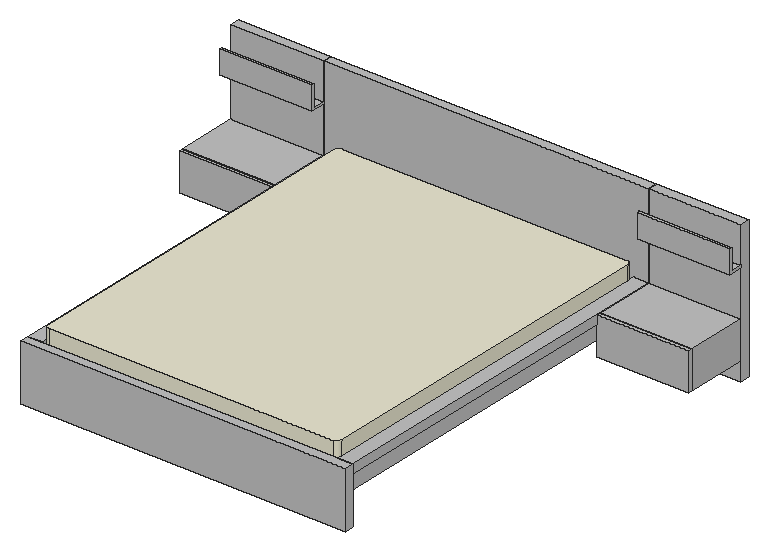
Revit family "IKEA-MALM-Cama(Conjunto)", category Furniture, Revit 2012
Parameters (values of type "1600x2000")
  Segunda-MesaCabeceira = yes
  Largura = 1600 mm
  Estrutura = IKEA-PretoCastanho
  Comprimento = 2000 mm
  Colchão = IKEA-Colchão
Types (4, lengths in mm): name | Largura
  (no name) | 1600
  1400x2000 | 1400
  1600x2000 | 1600
  900x2000 | 900
Reference planes
  plane 1 "Center F/B": y = 0
  plane 2: z = 0
  plane 3 "Center L/R": x = 0
  plane 4: x = -800
  plane 5: x = 800
  plane 6: y = -50
  plane 7: y = -2050
  plane 8: y = -2100
Forms (mm)
  Extrusion 1, solid, material "IKEA-PretoCastanho" <- "Estrutura"
    sketch origin (85.271, -473.846, 0) x (1, 0, 0) y (0, 1, 0)
      loop
        line (-965.271, 473.846) -> (-965.271, 423.846) -> (794.729, 423.846) -> (794.729, 473.846) -> (-965.271, 473.846)
    from 0 to 762
  Extrusion 2, solid, material "IKEA-PretoCastanho" <- "Estrutura"
    sketch origin (85.271, -2556.646, 0) x (1, 0, 0) y (0, 1, 0)
      loop
        line (-965.271, 506.646) -> (-965.271, 456.646) -> (794.729, 456.646) -> (794.729, 506.646) -> (-965.271, 506.646)
    from 0 to 304.8
  Extrusion 3, solid, material "IKEA-Colchão" <- "Colchão"
    sketch origin (0, -473.846, 0) x (1, 0, 0) y (0, 1, 0)
      loop
        arc (-766.881, 412.038) -> (-784.842, 404.599) -> (-792.281, 386.638) r 25.4
        line (-792.281, 386.638) -> (-792.281, -1545.112)
        arc (-792.281, -1545.112) -> (-784.842, -1563.072) -> (-766.881, -1570.512) r 25.4
        line (-766.881, -1570.512) -> (769.619, -1570.512)
        arc (769.619, -1570.512) -> (787.579, -1563.072) -> (795.019, -1545.112) r 25.4
        line (795.019, -1545.112) -> (795.019, 386.638)
        arc (795.019, 386.638) -> (787.579, 404.599) -> (769.619, 412.038) r 25.4
        line (769.619, 412.038) -> (-766.881, 412.038)
    from 206.53 to 378.011
  Extrusion 4, solid, material "IKEA-PretoCastanho" <- "Estrutura"
    sketch origin (880, -50, 0) x (-1, 0, 0) y (0, 0, -1)
      loop
        line (0, -254.8) -> (0, -304.8) -> (80, -304.8) -> (80, -154.8) -> (30, -154.8) -> (30, -254.8) -> (0, -254.8)
    from 0 to 2000
  Extrusion 5, solid, material "IKEA-PretoCastanho" <- "Estrutura"
    sketch origin (-796.4, -50, 0) x (1, 0, 0) y (0, 0, 1)
      loop
        line (-83.6, 254.8) -> (-53.6, 254.8) -> (-53.6, 154.8) -> (-3.6, 154.8) -> (-3.6, 304.8) -> (-83.6, 304.8) -> (-83.6, 254.8)
    from 0 to 2000
Dimensions and locks
  equal spacing: plane 4, plane 3 "Center L/R", plane 5
  Extrusion 4 sketch curve to Extrusion 4 sketch curve to Extrusion 4 sketch curve = 50 mm locked, 30 mm locked
  Extrusion 4 sketch curve to Extrusion 4 sketch curve to Extrusion 4 sketch curve = 50 mm locked, 100 mm locked
  Extrusion 5 sketch curve to Extrusion 5 sketch curve to Extrusion 5 sketch curve = 50 mm locked, 30 mm locked
  Extrusion 5 sketch curve to Extrusion 5 sketch curve to Extrusion 5 sketch curve = 100 mm locked, 50 mm locked
  locked: plane 4 to Extrusion 3 sketch curve at 7.719
  locked: Extrusion 3 sketch curve to plane 5 at 4.981
  "Largura": plane 4 to plane 5
  locked: plane 6 to plane 1 "Center F/B" at 50
  locked: plane 7 to plane 8 at 50
  "Comprimento": plane 6 to plane 7
  aligned and locked: Extrusion 4 sketch curve to Extrusion 2
  aligned and locked: Extrusion 1 to Extrusion 5
  aligned and locked: Extrusion 2 to Extrusion 5
  aligned and locked: Extrusion 1 to Extrusion 4
  aligned and locked: Extrusion 2 to Extrusion 4
  aligned and locked: Extrusion 2 sketch curve to plane 7
  aligned and locked: plane 8 to Extrusion 2 sketch curve
  aligned and locked: Extrusion 4 to nested 1
  aligned and locked: nested 2 to Extrusion 5
  aligned and locked: Extrusion 4 to plane 7
  aligned and locked: Extrusion 5 to plane 7
  aligned and locked: Extrusion 1 to plane 6
Automatic sketch dimensions
  Extrusion 1 sketch curve to plane 6 = 0 mm
  Extrusion 1 sketch curve to plane 1 "Center F/B" = 0 mm
  Extrusion 1 sketch curve to plane 4 = 80 mm
  Extrusion 1 sketch curve to plane 5 = 80 mm
  Extrusion 2 sketch curve to plane 4 = 80 mm
  Extrusion 2 sketch curve to plane 5 = 80 mm
  plane 7 to Extrusion 3 sketch curve = 5.643 mm
  plane 4 to Extrusion 3 sketch curve = 33.119 mm
  Extrusion 3 sketch curve to Extrusion 3 sketch curve = 25.4 mm
  plane 5 to Extrusion 3 sketch curve = 30.381 mm  (x2)
  Extrusion 3 sketch curve to plane 6 = 11.807 mm
  Extrusion 4 sketch curve to Extrusion 1 = 0 mm
  Extrusion 5 sketch curve to Extrusion 1 = 0 mm
  Extrusion 1 to Extrusion 5 sketch curve = 154.8 mm
Nested families
  nested 1: "IKEA-MALM-MesaCabeceira-1" at (880, 0, 0), type "Castalho-Preto"
  nested 2: "IKEA-MALM-MesaCabeceira-1" at (-880, 0, 0) x (-1, 0, 0) z (0, 0, 1), visible <- "Segunda-MesaCabeceira", type "Castalho-Preto"
Definition of nested family "IKEA-MALM-MesaCabeceira-1"
  Parameters (values of type "Castanho")
    Material = IKEA-Castanho
  Types (5, lengths in mm): name | Material
    (no name) | IKEA-Castanho
    Castalho-Preto | IKEA-PretoCastanho
    Castanho | IKEA-Castanho
    Carvalho | IKEA-Carvalho
    Betula | IKEA-Betula
  Reference planes
    plane 1 "Center (Front/Back)": y = 0
    plane 2: z = 0
    plane 3 "Center (Left/Right)": x = 0
  Forms (mm)
    Extrusion 1, solid, material "IKEA-Castanho" <- "Material"
      sketch origin (727.529, -473.846, 0) x (0, 1, 0) y (1, 0, 0)
        loop
          line (473.846, -229.054) -> (423.046, -229.054) -> (423.046, -727.529) -> (473.846, -727.529) -> (473.846, -229.054)
      from 0 to 762
    Extrusion 2, solid, material "IKEA-Castanho" <- "Material"
      sketch origin (-812.8, -473.846, 0) x (0, 1, 0) y (1, 0, 0)
        loop
          line (423.046, 1311.275) -> (92.846, 1311.275) -> (92.846, 812.8) -> (423.046, 812.8) -> (423.046, 1311.275)
      from 101.6 to 304.8
    Extrusion 3, solid, material "IKEA-Castanho" <- "Material"
      sketch origin (-812.8, -804.046, 0) x (0, 1, 0) y (1, 0, 0)
        loop
          line (423.046, 1311.275) -> (403.996, 1311.275) -> (403.996, 812.8) -> (423.046, 812.8) -> (423.046, 1311.275)
      from 101.6 to 304.8
    Sweep 4, solid, material "IKEA-Castanho" <- "Material"
      path origin (-812.8, -473.846, 0) x (0, 1, 0) y (-1, 0, 0)
        loop
          line (423.046, -1311.275) -> (423.046, -812.8)
      profile origin (249.238, -50.8, 0) x (0, -1, 0) y (0, 0, 1)
        loop
          line (0, 552.45) -> (76.2, 552.45) -> (76.2, 679.45) -> (63.5, 679.45) -> (63.5, 565.15) -> (0, 565.15) -> (0, 552.45)
